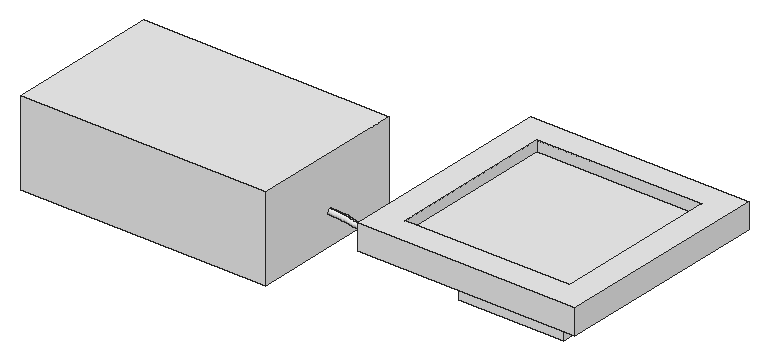
Revit family "LBSE-SQD-RM", category Lighting Fixtures, host Face, Revit 2021
Family settings
  Host = Face
  Round Connector Dimension = Use Diameter
  Part Type = Normal
  OmniClass Number = 23.80.70.11.14.11
  OmniClass Title = Downlights
  Cut with Voids When Loaded = No
  Light Source = Yes
  Shared = Yes
  Room Calculation Point = No
Parameters (values of type "LBSE-4SQD")
  Width = 4.16016"
  Wattage Comments = ""
  Wattage = 25 W
  Warranty = "Five Year warranty"  # constant formula
  built-in parameter 1150110 = 1 (stored number, unit not read)
  Voltage = if(Is 120V, 120 V, 277 V)  # 120 V
  URL = "https://www.hubbell.com/prescolite/en"
  built-in parameter 1114217 = 1 (stored number, unit not read)
  Tilt Angle = -90.00°
  built-in parameter 1150109 = 1 (stored number, unit not read)
  built-in parameter 1150134 = (empty or 0)
  built-in parameter 1150113 = 1 (stored number, unit not read)
  Product Page URL = "https://www.hubbell.com/prescolite/en/Products/Lighting-Controls/Commercial-Indoor-Lighting/Recessed-Downlights/LITEBOX-Edge-Lit-Square-Fixed-CCT-Downlight-wRemote-J-Box/p/5227609"
  Product Material = Paint - Hubbell - White
  Product Documentation Link = "https://hubbellcdn.com/specsheet/LBSE-SQD-RM.pdf"
  Photometric Web Link = "https://www.hubbell.com/prescolite/en/Products/Lighting-Controls/Commercial-Indoor-Lighting/Recessed-Downlights/LITEBOX-Edge-Lit-Square-Fixed-CCT-Downlight-wRemote-J-Box/p/5227609"
  Photometric Web File = "LBSE-4SQD-RM-30K8.ies"
  Photometric Notes = "More IES files download on Photometric Web Link"  # constant formula
  Model = "LBSE-SQD-RM"  # constant formula
  Manufacturer = "Prescolite"  # constant formula
  built-in parameter 1150105 = -607200 (stored number, unit not read)
  Lumens = 2200 lm
  built-in parameter 1150115 = 1 (stored number, unit not read)
  Load Classification = Lighting
  built-in parameter 1150137 = (empty or 0)
  built-in parameter 1150139 = (empty or 0)
  built-in parameter 1150112 = 1 (stored number, unit not read)
  built-in parameter 1150114 = 1 (stored number, unit not read)
  Lamp = " LED's"  # constant formula
  Is 277V = not(Is 120V)  # no
  Is 120V = yes
  built-in parameter 1150132 = (empty or 0)
  built-in parameter 1150102 = (empty or 0)
  built-in parameter 1150107 = 3000 (stored number, unit not read)
  built-in parameter 1150138 = (empty or 0)
  built-in parameter 1150106 = -6072 (stored number, unit not read)
  Glass = Hubbell - White Glass
  Frequency = 60 Hz  # constant formula
  Features = "•\t4-inch 6-inch and 8-inch aperture, delivering 750-1750 lumens\r\n•\tLow surface profile of ½-inch\r\n•\tQuick snap installation with no housing required\r\n•\tInstalls directly to most 3-1/2inch and 4inch J-Boxes\r\n•\tFixed CCT (3000K or 3500K, 80+ CRI) options\r\n•\tUniversal 120-277V, ideal for commercial applications\r\n•\tAll models standard with 0-10V/Triac/ELV dimming\r\n•\tLong life L80 at 54,000 hrs (TM-21)\r\n•\tFive year warranty\r\n\r\n"  # constant formula
  Emit from Rectangle Width = 3.50"
  Emit from Rectangle Length = 3.50"
  Emit Shape Visible in Rendering = yes
  built-in parameter 1150104 = 8.1755 (stored number, unit not read)
  Dimming Lamp Color Temperature Shift = <None>
  Description = "LITEBOX® Edge-Lit Square Fixed CCT Direct J-Box Mount"  # constant formula
  Default Elevation = 48.00"
  Copyrights = "© 2021 Prescolite, a division of Hubbell Lighting, Inc. Specifications subject to change without notice"  # constant formula
  Contact Us = "https://www.hubbell.com/prescolite/en/"
  Connector Description = "Lighting Connector"  # constant formula
  Color Filter = 16777215
  Certifications = " cETLus listed to UL1598\r\n• Can be used in direct contact with insulation\r\n(IC Rated)\r\n• Suitable for wet locations, covered ceiling\r\n• Suitable for use in clothes closets when\r\ninstalled in accordance to N.E.C. 410.16\r\n• ENERGY STAR® certified"  # constant formula
  built-in parameter 1114218 = 1 (stored number, unit not read)
  built-in parameter 1150133 = 10 (stored number, unit not read)
  Apparent Load = 52 VA
Types (4): name | Width | Photometric Web File | built-in parameter 1150105 | built-in parameter 1150106 | Emit from Rectangle Width | Emit from Rectangle Length
  (no name) | 4.16016" | "LBSE-4SQD-RM-30K8.ies" | -607200 (stored number, unit not read) | -6072 (stored number, unit not read) | 3.50" | 3.50"
  LBSE-4SQD | 4.16016" | "LBSE-4SQD-RM-30K8.ies" | -607200 (stored number, unit not read) | -6072 (stored number, unit not read) | 3.50" | 3.50"
  LBSE-6SQD | 6.00" | "LBSE-6SQD-RM-30K8.ies" | -877800 (stored number, unit not read) | -8778 (stored number, unit not read) | 5.50" | 5.50"
  LBSE-8SQD | 8.00" | "LBSE-8SQD-RM-30K8.ies" | -1348600 (stored number, unit not read) | -13486 (stored number, unit not read) | 7.50" | 7.50"
Reference planes (in)
  plane 1 "Center (Front/Back)": y = 0
  plane 2: z = 0
  plane 3 "Center (Left/Right)": x = 0
  plane 4: y = 2.08008
  plane 5: y = -2.08008
  plane 6: x = -2.08008
  plane 7: x = 2.08008
  plane 8: z = 0.48047
  plane 9: z = 1.41016
  plane 10: x = 1.58008
  plane 11: x = -1.58008
  plane 12: y = 1.58008
  plane 13: y = -1.58008
  plane 14: x = 1
  plane 15: x = -1
  plane 16: y = 1
  plane 17: y = -1
Forms (in)
  Extrusion 1, solid, material "Paint - Hubbell - White" <- "Product Material"
    sketch origin (0, 0, 0) x (1, 0, 0) y (0, 1, 0)
      loop
        line (-2.08008, 2.08008) -> (-2.08008, -2.08008) -> (2.08008, -2.08008) -> (2.08008, 2.08008) -> (-2.08008, 2.08008)
      loop
        line (-1.58008, 1.58008) -> (-1.58008, -1.58008) -> (1.58008, -1.58008) -> (1.58008, 1.58008) -> (-1.58008, 1.58008)
    from 0 to 0.48
  Extrusion 2, solid, material "Paint - Hubbell - White" <- "Product Material"
    sketch origin (0, 0, 0) x (1, 0, 0) y (0, 1, 0)
      loop
        line (-1.58008, 1.58008) -> (-1.58008, -1.58008) -> (1.58008, -1.58008) -> (1.58008, 1.58008) -> (-1.58008, 1.58008)
    from 0.28 to 0.15
  Extrusion 3, solid, material "Hubbell - White Glass" <- "Glass"
    sketch origin (0, 0, 0) x (1, 0, 0) y (0, 1, 0)
      loop
        line (-1.58008, -1.58008) -> (1.58008, -1.58008) -> (1.58008, 1.58008) -> (-1.58008, 1.58008) -> (-1.58008, -1.58008)
    from 0.28 to 0.15
  Extrusion 4, solid, material "Paint - Hubbell - White" <- "Product Material"
    sketch origin (0, 0, 0) x (1, 0, 0) y (0, 1, 0)
      loop
        line (-1, -1) -> (1, -1) -> (1, 1) -> (-1, 1) -> (-1, -1)
    from 0 to -0.93
  Extrusion 5, solid, material "Hubbell - White Glass" <- "Glass"
    sketch origin (0, 0, 0) x (1, 0, 0) y (0, 1, 0)
      loop
        line (-1.58008, -1.58008) -> (1.58008, -1.58008) -> (1.58008, 1.58008) -> (-1.58008, 1.58008) -> (-1.58008, -1.58008)
    from 0.28 to 0.15
  Extrusion 6, solid, material "Paint - Hubbell - White" <- "Product Material"
    sketch origin (0, 0, -0.15) x (1, 0, 0) y (0, 1, 0)
      loop
        line (-1.58008, -1.58008) -> (1.58008, -1.58008) -> (1.58008, 1.58008) -> (-1.58008, 1.58008) -> (-1.58008, -1.58008)
    from 0.3 to 0.15
  Extrusion 7, solid, material "Paint - Hubbell - White" <- "Product Material"
    sketch origin (0.125, -1, 0) x (-1, 0, 0) y (0, -1, 0)
      loop
        line (4.41148, -2.4188) -> (9.11148, -2.4188) -> (9.11148, 0.5312) -> (4.41148, 0.5312) -> (4.41148, -2.4188)
    from -1.61 to 0
  Sweep 8, solid, material "Paint - Hubbell - White" <- "Product Material"
    path origin (0, 0, 0) x (1, 0, 0) y (0, 0, 1)
      loop
        spline (-4.28648, -1) -> (-3.91056, -1.03186) -> (-3.66859, -1.07521) -> (-3.46036, -1.09157) -> (-3.24568, -1.09354) -> (-3.00246, -1.09205) -> (-2.75177, -1.08306) -> (-2.5211, -1.05982) -> (-2.3069, -1.01728) -> (-2.07866, -0.95192) -> (-1.80498, -0.86174) -> (-1.45535, -0.77189) -> (-1, -0.73096)
    profile origin (-2.75177, 0, -1.08306) x (-0.061276, 0, 0.998121) y (0, -1, 0)
      loop
        circle (0, 0) r 0.05
Dimensions and locks (in)
  "Width": plane 5 to plane 4
  "Width": plane 6 to plane 7
  equal spacing: plane 6, plane 3 "Center (Left/Right)", plane 7
  equal spacing: plane 5, plane 1 "Center (Front/Back)", plane 4
  locked: plane 12 to plane 4 at 0.5
  locked: plane 5 to plane 13 at 0.5
  locked: plane 6 to plane 11 at 0.5
  locked: plane 10 to plane 7 at 0.5
  locked: plane 15 to plane 14 at 2
  locked: plane 17 to plane 16 at 2
  locked: Extrusion 7 sketch curve to Extrusion 7 sketch curve at 4.7
  aligned and locked: plane 2 to host face
  aligned and locked: level to host face
  aligned and locked: plane 4 to Extrusion 1 sketch curve
  aligned and locked: plane 6 to Extrusion 1 sketch curve
  aligned and locked: Extrusion 1 sketch curve to plane 5
  aligned and locked: Extrusion 1 sketch curve to plane 7
  aligned and locked: plane 12 to Extrusion 1 sketch curve
  aligned and locked: plane 11 to Extrusion 1 sketch curve
  aligned and locked: Extrusion 1 sketch curve to plane 13
  aligned and locked: Extrusion 1 sketch curve to plane 10
  aligned and locked: Extrusion 2 sketch curve to Extrusion 1  (x4)
  aligned and locked: Extrusion 3 sketch curve to Extrusion 1  (x4)
  aligned and locked: plane 10 to Extrusion 5
  aligned and locked: plane 13 to Extrusion 5
  aligned and locked: Extrusion 5 to plane 12
  aligned and locked: Extrusion 5 to plane 11
  aligned and locked: plane 14 to Extrusion 4
  aligned and locked: plane 17 to Extrusion 4
  aligned and locked: Extrusion 4 to plane 15
  aligned and locked: Extrusion 4 to plane 16
Automatic sketch dimensions
  host sketch curve to host sketch curve = 96.00"  (x2)
  Extrusion 4 sketch curve to plane 15 = 0.00"
  Extrusion 4 sketch curve to plane 14 = 0.00"
  plane 17 to Extrusion 4 sketch curve = 0.00"
  plane 16 to Extrusion 4 sketch curve = 0.00"
  Extrusion 5 sketch curve to plane 11 = 0.00"
  Extrusion 5 sketch curve to plane 10 = 0.00"
  plane 13 to Extrusion 5 sketch curve = 0.00"
  plane 12 to Extrusion 5 sketch curve = 0.00"
  Extrusion 6 sketch curve to plane 11 = 0.00"
  Extrusion 6 sketch curve to plane 10 = 0.00"
  plane 13 to Extrusion 6 sketch curve = 0.00"
  plane 12 to Extrusion 6 sketch curve = 0.00"
  Extrusion 7 sketch curve to plane 13 = 0.04888"
  Extrusion 7 sketch curve to plane 6 = 2.2064"
  plane 12 to Extrusion 7 sketch curve = 0.16128"
  Sweep 8 sketch curve to plane 15 = 0.00"
  Sweep 8 sketch curve to level = 1.00"
  Sweep 8 sketch curve to plane 6 = 2.2064"
  Sweep 8 sketch curve to level = 0.73096"
  plane 1 "Center (Front/Back)" to Sweep 8 sketch curve = 0.00"
  Sweep 8 sketch curve to profile plane = 0.00"
  radius of Sweep 8 sketch curve = 0.05"
Connectors (in)
  electrical at (0, 0, 0), driven by "Connector Description", driven by "Voltage", driven by "Apparent Load", driven by "Load Classification"
    settings: on host face, index 1, voltage 120 V, apparent load 52 VA, apparent load phase1 0 VA, apparent load phase2 0 VA, apparent load phase3 0 VA, power factor 0.9, load classification "Lighting", number of poles 1, system type 30, power factor state 1, is connector primary yes, connector utility no, sub classification motor no, connector description "Lighting Connector"
